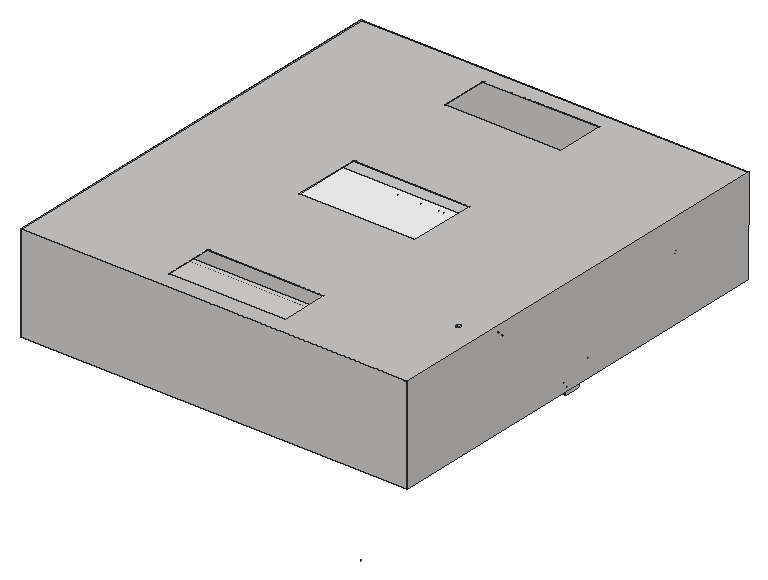
Revit family "QF_ELECTROLUXPROFESSIONAL_641266_STCF2220", category Attrezzature speciali, Revit 2021
Family settings
  Quota connettore circolare = Usa diametro
  Tipo di parte = Normale
  Basato su piano di lavoro = No
  Sempre verticale = Sì
  Taglio con vuoti quando caricato = No
  Condiviso = No
  Punto di calcolo locali = No
Parameters (values of type "Standard")
  Weight = 172.00 kg
  Watts = 320 W
  Volts = 220 V
  URL Manufacturer = "https://www.electroluxprofessional.com/"
  URL = "https://www.electroluxprofessional.com/"
  Steam Supply Size = 0 mm
  Steam Supply Minimum Pressure = 0.0 Pa
  Steam Supply Maximum Pressure = 0.0 Pa
  Steam Consumption per Hour = 0
  Refrigeration Suction Line Size = 0 mm
  Refrigeration Liquid Line Size = 0 mm
  Refrigerant Compressor Remote = yes
  Prospetto di default = 0 mm
  Produttore = "Electrolux Professional"
  Phase = 1
  Modello = "STCF2220"
  Length Actual = 2000 mm  # constant formula
  Item Number = "641266"
  Hot Water Size = 0 mm
  Height Actual = 500 mm  # constant formula
  HP = "0.4 HP"
  Gas Size = 0 mm
  Gas KW = 0
  Gas Input Pressure = 0 W
  Direct Waste Size = 0 mm
  Descrizione = "304 S/S ISLAND HOOD+FILT.+LAMP 2000X2200"
  Depth Actual = 2200 mm  # constant formula
  Cycle = 50 Hz
  Condensate Return Size = 0 mm
  Compressed Air Volume = 0.0 L/s
  Compressed Air Size = 0 mm
  Compressed Air Pressure = 0.0 Pa
  Cold Water Size = 0 mm
  Accessory = yes
Reference planes
  plane 1: z = 0
  plane 2 "Center (Left/Right)": x = 150
  plane 3 "LEFT": x = -850
  plane 4 "RIGHT": x = 1150
  plane 5 "BACK": y = 550
  plane 6 "TOP": z = 2500
  plane 7 "Base": z = 2000
  plane 8: z = 1955
  plane 9: x = -847
  plane 10 "DrainX": x = 1030
  plane 11 "AOLeft2": x = 450
  plane 12: x = 1147
  plane 13: x = -650
  plane 14: x = 950
  plane 15 "Center (Front/Back)": y = -550
  plane 16 "Front": y = -1650
  plane 17 "AOLeft1": x = -150
  plane 18 "EI_y": y = -1170
  plane 19 "EIx": x = 1030
  plane 20: y = 464
  plane 21: y = 214
  plane 22: y = -1564
  plane 23: y = -1314
  plane 24: y = -375
  plane 25: y = -725
Forms (mm)
  Extrusion 1, solid, material "QF_Finishes_Stainless Steel"
    sketch origin (-850, 0, 360) x (0, 1, 0) y (0, 0, 1)
      loop
        line (550, 1640) -> (550, 2140) -> (-1650, 2140) -> (-1650, 1640) -> (550, 1640)
    from 0 to 3
  Extrusion 2, solid, material "QF_Finishes_Stainless Steel"
    sketch origin (1150, 0, 360) x (0, 1, 0) y (0, 0, 1)
      loop
        line (550, 1640) -> (550, 2140) -> (-1650, 2140) -> (-1650, 1640) -> (550, 1640)
    from 0 to -3
  Extrusion 3, solid, material "QF_Finishes_Stainless Steel"
    sketch origin (150, 0, 360) x (0, 1, 0) y (0, 0, 1)
      loop
        line (-1650, 2140) -> (-1650, 1640) -> (-1640, 1640) -> (-1640, 1640.8) -> (-1649.2, 1640.8) -> (-1649.2, 2139.19) -> (549.2, 2139.19) -> (549.2, 1640.8) -> (540, 1640.8) -> (540, 1640) -> (550, 1640) -> (550, 2140) -> (-1650, 2140)
    from -1000 to 1000
  Extrusion 4, solid, material "QF_Finishes_Stainless Steel"
    sketch origin (0, -840, 2000) x (0, 1, 0) y (-1, 0, 0)
      loop
        circle (290, -1030) r 4.763
    from -30 to 0
  Extrusion 5, void
    sketch origin (0, 0, 2500) x (0, 1, 0) y (-1, 0, 0)
      loop
        line (-1564, -450) -> (-1314, -450) -> (-1314, 150) -> (-1564, 150) -> (-1564, -450)
    from 0 to -10
  Extrusion 6, solid, material "QF_Finishes_Stainless Steel"
    sketch origin (0, 0, 0) x (1, 0, 0) y (0, 1, 0)
      loop
        line (-850, 550) -> (-850, 549) -> (-849, 549) -> (-849, 550) -> (-850, 550)
    from 0 to 1
  Sweep 7, solid, material "QF_Finishes_Stainless Steel"
    path origin (0, 0, 0) x (1, 0, 0) y (0, 1, 0)
      loop
        line (1150, 550) -> (-850, 550) -> (-850, -1650) -> (1150, -1650) -> (1150, 550)
    profile origin (1150, -550, 0) x (1, 0, 0) y (0, 0, 1)
      loop
        line (-3, 2000) -> (-3, 2000.8) -> (-19, 2000.8) -> (-19, 2010) -> (-20, 2010) -> (-20, 2000) -> (-3, 2000)
  Extrusion 8, solid, material "QF_Finishes_Stainless Steel"
    sketch origin (150, -636.588, -19.176) x (0, 0.995194, 0.097925) y (0, -0.097925, 0.995194)
      loop
        line (214.66, 2095.469) -> (240.643, 2110.471) -> (61.744, 2411.771) -> (35.948, 2396.455) -> (214.66, 2095.469)
    from -997 to -800
  Extrusion 9, solid, material "QF_Finishes_Stainless Steel"
    sketch origin (1030, -840, 0) x (0, 1, 0) y (0, 0, 1)
      loop
        line (339, 2000) -> (241, 2000) -> (241, 1989) -> (248.5, 1989) -> (248.5, 1965)
        arc (248.5, 1965) -> (251.429, 1957.929) -> (258.5, 1955) r 10
        line (258.5, 1955) -> (321.5, 1955)
        arc (321.5, 1955) -> (328.571, 1957.929) -> (331.5, 1965) r 10
        line (331.5, 1965) -> (331.5, 1989) -> (339, 1989) -> (339, 2000)
    from 90 to -90
  Extrusion 10, solid, material "QF_Finishes_Stainless Steel"
    sketch origin (150, -636.588, -19.176) x (0, 0.995194, 0.097925) y (0, -0.097925, 0.995194)
      loop
        line (214.66, 2095.469) -> (240.643, 2110.471) -> (61.744, 2411.771) -> (35.948, 2396.455) -> (214.66, 2095.469)
    from 800 to 997
  Extrusion 11, solid, material "QF_Finished_Chrome"
    sketch origin (150, -636.588, -19.176) x (0, 0.995194, 0.097925) y (0, -0.097925, 0.995194)
      loop
        line (214.66, 2095.469) -> (240.643, 2110.471) -> (61.744, 2411.771) -> (35.948, 2396.455) -> (214.66, 2095.469)
    from -800 to 800
  Extrusion 12, void
    sketch origin (0, 1180, 2500) x (0, 1, 0) y (-1, 0, 0)
      loop
        line (-1555, -450) -> (-1555, 150) -> (-1905, 150) -> (-1905, -450) -> (-1555, -450)
    from 0 to -10
  Extrusion 13, solid, material "QF_Finishes_Stainless Steel"
    sketch origin (0, 0, 2500) x (0, 1, 0) y (-1, 0, 0)
      loop
        circle (-1170, -1030) r 10
    from 0 to 1.6
  Extrusion 14, solid, material "QF_LAMPS"
    sketch origin (150, -267.149, 218.369) x (0, 0.987229, -0.159309) y (0, 0.159309, 0.987229)
      loop
        line (-1250.105, 1928.62) -> (-1096.231, 2053.226) -> (-1104.529, 2063.269) -> (-1258.575, 1938.524) -> (-1250.105, 1928.62)
    from 997 to -997
  Extrusion 15, solid, material "QF_Finishes_Stainless Steel"
    sketch origin (150, 0, 360) x (0, 1, 0) y (0, 0, 1)
      loop
        line (-1650, 2139.19) -> (-1650, 1640) -> (-1586.602, 1640) -> (-1499.146, 1690.493) -> (-1510.058, 1709.394) -> (-1566.564, 1676.77) -> (-1614.704, 1680.982) -> (-1649.2, 1730.248) -> (-1649.2, 2139.19) -> (-1650, 2139.19)
      loop
        line (-1194.054, 1961.505) -> (-1200.838, 1972.631) -> (-1186.477, 1980.7) -> (-1186.477, 2127.391) -> (-1085.664, 2127.391) -> (-1029.871, 2072.95) -> (-1022.281, 2060.013) -> (-919.435, 2120.351) -> (-919.902, 2121.003) -> (-1021.996, 2061.107) -> (-1029.236, 2073.448) -> (-1085.338, 2128.191) -> (-1187.277, 2128.191) -> (-1187.277, 1982.446) -> (-1586.208, 1744.533) -> (-1576.362, 1728.386) -> (-1194.054, 1961.505)
    from -997 to 997
  Extrusion 16, void
    sketch origin (0, 814, 2500) x (0, 1, 0) y (-1, 0, 0)
      loop
        line (-600, -450) -> (-350, -450) -> (-350, 150) -> (-600, 150) -> (-600, -450)
    from 0 to -10
  Extrusion 17, solid, material "QF_Finishes_Stainless Steel"
    sketch origin (150, 0, 0) x (0, 1, 0) y (0, 0, 1)
      loop
        line (-628.158, 2087.242) -> (-603.769, 2104.716) -> (-811.314, 2387.05) -> (-835.486, 2369.281) -> (-628.158, 2087.242)
    from -997 to -800
  Extrusion 18, solid, material "QF_Finished_Chrome"
    sketch origin (150, 0, 0) x (0, 1, 0) y (0, 0, 1)
      loop
        line (-628.158, 2087.242) -> (-603.769, 2104.716) -> (-811.314, 2387.05) -> (-835.486, 2369.281) -> (-628.158, 2087.242)
    from -800 to 800
  Extrusion 19, solid, material "QF_Finishes_Stainless Steel"
    sketch origin (150, -870.88, 319.508) x (0, 0.995194, 0.097925) y (0, -0.097925, 0.995194)
      loop
        line (426.151, 1646.675) -> (483.9, 1640.993) -> (483.982, 1641.83) -> (426.613, 1647.475) -> (371.906, 1742.23) -> (414.858, 1734.657) -> (442.266, 1750.481) -> (442.266, 1765.943) -> (441.466, 1765.943) -> (441.466, 1750.943) -> (414.709, 1735.495) -> (321.153, 1751.991) -> (320.875, 1750.416) -> (371.4, 1741.507) -> (426.151, 1646.675)
      loop
        line (162.878, 2155.907) -> (242.893, 2017.316) -> (245.133, 2018.715) -> (240.13, 2027.381) -> (238.569, 2026.405) -> (163.571, 2156.307) -> (162.878, 2155.907)
    from -997 to 997
  Extrusion 20, solid, material "QF_Finishes_Stainless Steel"
    sketch origin (150, -463.412, -19.176) x (0, -0.995194, 0.097925) y (0, -0.097925, -0.995194)
      loop
        line (214.66, -2095.469) -> (35.948, -2396.455) -> (61.744, -2411.771) -> (240.643, -2110.471) -> (214.66, -2095.469)
    from 800 to 997
  Extrusion 21, solid, material "QF_Finishes_Stainless Steel"
    sketch origin (150, 0, 0) x (0, 1, 0) y (0, 0, 1)
      loop
        line (-471.842, 2087.242) -> (-264.514, 2369.281) -> (-288.686, 2387.05) -> (-496.231, 2104.716) -> (-471.842, 2087.242)
    from -997 to -800
  Extrusion 22, solid, material "QF_Finished_Chrome"
    sketch origin (150, 0, 0) x (0, 1, 0) y (0, 0, 1)
      loop
        line (-471.842, 2087.242) -> (-264.514, 2369.281) -> (-288.686, 2387.05) -> (-496.231, 2104.716) -> (-471.842, 2087.242)
    from -800 to 800
  Extrusion 23, solid, material "QF_Finishes_Stainless Steel"
    sketch origin (150, -229.12, 319.508) x (0, -0.995194, 0.097925) y (0, -0.097925, -0.995194)
      loop
        line (426.151, -1646.675) -> (371.4, -1741.507) -> (320.875, -1750.416) -> (321.153, -1751.991) -> (414.709, -1735.495) -> (441.466, -1750.943) -> (441.466, -1765.943) -> (442.266, -1765.943) -> (442.266, -1750.481) -> (414.858, -1734.657) -> (371.906, -1742.23) -> (426.613, -1647.475) -> (483.982, -1641.83) -> (483.9, -1640.993) -> (426.151, -1646.675)
      loop
        line (162.878, -2155.907) -> (163.571, -2156.307) -> (238.569, -2026.405) -> (240.13, -2027.381) -> (245.133, -2018.715) -> (242.893, -2017.316) -> (162.878, -2155.907)
    from -997 to 997
  Extrusion 24, solid, material "QF_LAMPS"
    sketch origin (150, -832.851, 218.369) x (0, -0.987229, -0.159309) y (0, 0.159309, -0.987229)
      loop
        line (-1250.105, -1928.62) -> (-1258.575, -1938.524) -> (-1104.529, -2063.269) -> (-1096.231, -2053.226) -> (-1250.105, -1928.62)
    from 997 to -997
  Extrusion 25, solid, material "QF_Finishes_Stainless Steel"
    sketch origin (150, -1100, 360) x (0, -1, 0) y (0, 0, -1)
      loop
        line (-1650, -2139.19) -> (-1649.2, -2139.19) -> (-1649.2, -1730.248) -> (-1614.704, -1680.982) -> (-1566.564, -1676.77) -> (-1510.058, -1709.394) -> (-1499.146, -1690.493) -> (-1586.602, -1640) -> (-1650, -1640) -> (-1650, -2139.19)
      loop
        line (-1194.054, -1961.505) -> (-1576.362, -1728.386) -> (-1586.208, -1744.533) -> (-1187.277, -1982.446) -> (-1187.277, -2128.191) -> (-1085.338, -2128.191) -> (-1029.236, -2073.448) -> (-1021.996, -2061.107) -> (-919.902, -2121.003) -> (-919.435, -2120.351) -> (-1022.281, -2060.013) -> (-1029.871, -2072.95) -> (-1085.664, -2127.391) -> (-1186.477, -2127.391) -> (-1186.477, -1980.7) -> (-1200.838, -1972.631) -> (-1194.054, -1961.505)
    from -997 to 997
Cuts and joins
  Extrusion 5, Extrusion 12, Extrusion 16 cuts Extrusion 3
  joined: Extrusion 2, Extrusion 3, Sweep 7
Lines and regions (mm)
  symbolic lines, style "SpecialityEquipment", detail levels coarse
    curve 1: line (1150, 550, 2500) -> (-850, 550, 2500)
    curve 2: line (-850, 550, 2500) -> (-850, -1650, 2500)
    curve 3: line (1150, -1650, 2500) -> (1150, 550, 2500)
    curve 4: line (-850, 550, 0) -> (1150, -1650, 0)
    curve 5: line (1150, 550, 0) -> (-850, -1650, 0)
    curve 6: line (-850, -1650, 0) -> (1150, -1650, 0)
  symbolic lines, detail levels coarse
    curve 7: line (-150, 464, 2500) -> (450, 464, 2500)
    curve 8: line (-150, 214, 2500) -> (-150, 464, 2500)
    curve 9: line (450, 214, 2500) -> (-150, 214, 2500)
    curve 10: line (450, 464, 2500) -> (450, 214, 2500)
    curve 11: line (-150, -375, 2500) -> (450, -375, 2500)
    curve 12: line (-150, -725, 2500) -> (-150, -375, 2500)
    curve 13: line (450, -725, 2500) -> (-150, -725, 2500)
    curve 14: line (450, -375, 2500) -> (450, -725, 2500)
    curve 15: line (-150, -1314, 2500) -> (450, -1314, 2500)
    curve 16: line (-150, -1564, 2500) -> (-150, -1314, 2500)
    curve 17: line (450, -1564, 2500) -> (-150, -1564, 2500)
    curve 18: line (450, -1314, 2500) -> (450, -1564, 2500)
Dimensions and locks
  plane 3 "LEFT" to plane 4 "RIGHT" = 2000 mm
  equal spacing: plane 3 "LEFT", plane 2 "Center (Left/Right)", plane 4 "RIGHT"
  plane 7 "Base" to plane 8 = 45 mm
  plane 3 "LEFT" to plane 9 = 3 mm
  plane 10 "DrainX" to plane 4 "RIGHT" = 120 mm
  plane 12 to plane 4 "RIGHT" = 3 mm
  plane 3 "LEFT" to plane 13 = 200 mm
  plane 14 to plane 4 "RIGHT" = 200 mm
  locked: plane 7 "Base" to level at 2000
  locked: plane 6 "TOP" to plane 7 "Base" at 500
  locked: plane 17 "AOLeft1" to plane 11 "AOLeft2" at 600
  locked: plane 18 "EI_y" to plane 16 "Front" at 480
  locked: plane 19 "EIx" to plane 4 "RIGHT" at 120
  locked: plane 5 "BACK" to plane 20 at 86
  plane 20 to plane 21 = 250 mm
  locked: plane 22 to plane 16 "Front" at 86
  locked: plane 22 to plane 23 at 250
  plane 24 to plane 15 "Center (Front/Back)" = 175 mm
  plane 15 "Center (Front/Back)" to plane 25 = 175 mm
  plane 24 to plane 25 = 350 mm
  locked: plane 5 "BACK" to plane 16 "Front" at 2200
  plane 5 "BACK" to plane 15 "Center (Front/Back)" to plane 16 "Front" = 1100 mm, 1100 mm
  plane 5 "BACK" to plane 16 "Front" = 2200 mm
  equal spacing: plane 17 "AOLeft1", plane 2 "Center (Left/Right)", plane 11 "AOLeft2"
  aligned and locked: level to plane 1
  aligned and locked: plane 4 "RIGHT" to Extrusion 3
  aligned and locked: Extrusion 3 to plane 3 "LEFT"
  aligned and locked: Extrusion 2 to plane 12
  aligned and locked: Extrusion 8 to plane 9
  aligned and locked: plane 17 "AOLeft1" to Extrusion 5
  aligned and locked: Extrusion 5 to plane 11 "AOLeft2"
  aligned and locked: plane 13 to Extrusion 8
  aligned and locked: plane 14 to Extrusion 10
  aligned and locked: plane 12 to Extrusion 10
  aligned and locked: Extrusion 11 to plane 13
  aligned and locked: Extrusion 11 to plane 14
  aligned and locked: Extrusion 12 to plane 17 "AOLeft1"
  aligned and locked: Extrusion 12 to plane 11 "AOLeft2"
  aligned and locked: plane 22 to Extrusion 5
  aligned and locked: Extrusion 5 to plane 23
  aligned and locked: Extrusion 16 to plane 17 "AOLeft1"
  aligned and locked: Extrusion 16 to plane 11 "AOLeft2"
  aligned and locked: plane 24 to Extrusion 12
  aligned and locked: Extrusion 12 to plane 25
  aligned and locked: plane 20 to Extrusion 16
  aligned and locked: Extrusion 16 to plane 21
  aligned and locked: Extrusion 15 to plane 9
  aligned and locked: Extrusion 14 to plane 9
  aligned and locked: Extrusion 14 to plane 12
  aligned and locked: Extrusion 15 to plane 12
  aligned and locked: Extrusion 25 to plane 9
  aligned and locked: Extrusion 24 to plane 9
  aligned and locked: Extrusion 23 to plane 9
  aligned and locked: plane 9 to Extrusion 17
  aligned and locked: Extrusion 19 to plane 9
  aligned and locked: plane 13 to Extrusion 17
  aligned and locked: Extrusion 22 to plane 13
  aligned and locked: plane 12 to Extrusion 19
  aligned and locked: plane 12 to Extrusion 23
  aligned and locked: plane 12 to Extrusion 25
  aligned and locked: Extrusion 20 to plane 12
  aligned and locked: plane 12 to Extrusion 24
  aligned and locked: Extrusion 18 to plane 13
  aligned and locked: Extrusion 18 to plane 14
  aligned and locked: plane 14 to Extrusion 20
  aligned and locked: Extrusion 22 to plane 14
  aligned and locked: plane 13 to Extrusion 21
  aligned and locked: Extrusion 21 to plane 9
Automatic sketch dimensions
  curve 6 to plane 3 "LEFT" = 0 mm
  curve 4 to plane 3 "LEFT" = 0 mm
  curve 5 to plane 4 "RIGHT" = 0 mm
  curve 6 to plane 4 "RIGHT" = 0 mm
  curve 4 to plane 16 "Front" = 0 mm
  curve 5 to plane 5 "BACK" = 0 mm
  curve 4 to plane 5 "BACK" = 0 mm
  Extrusion 1 sketch curve to plane 7 "Base" = 0 mm
  Extrusion 1 sketch curve to plane 16 "Front" = 0 mm
  Extrusion 1 sketch curve to plane 5 "BACK" = 0 mm
  Extrusion 1 sketch curve to plane 6 "TOP" = 0 mm
  Extrusion 2 sketch curve to plane 7 "Base" = 0 mm
  Extrusion 2 sketch curve to plane 16 "Front" = 0 mm
  Extrusion 2 sketch curve to plane 5 "BACK" = 0 mm
  Extrusion 2 sketch curve to plane 6 "TOP" = 0 mm
  Extrusion 3 sketch curve to plane 6 "TOP" = 0 mm
  Extrusion 3 sketch curve to plane 16 "Front" = 0 mm
  Extrusion 3 sketch curve to plane 7 "Base" = 0 mm  (x2)
  Extrusion 3 sketch curve to plane 5 "BACK" = 0 mm
  plane 16 "Front" to Extrusion 3 sketch curve = 0.8 mm
  Extrusion 3 sketch curve to Extrusion 3 sketch curve = 9.2 mm
  plane 7 "Base" to Extrusion 3 sketch curve = 0.8 mm  (x2)
  Extrusion 3 sketch curve to plane 5 "BACK" = 10 mm
  Extrusion 3 sketch curve to plane 5 "BACK" = 0.8 mm
  Extrusion 3 sketch curve to plane 6 "TOP" = 0.81 mm
  Extrusion 4 sketch curve to plane 10 "DrainX" = 0 mm
  Extrusion 4 sketch curve to plane 15 "Center (Front/Back)" = 0 mm
  Extrusion 5 sketch curve to plane 17 "AOLeft1" = 0 mm
  plane 22 to Extrusion 5 sketch curve = 0 mm
  Extrusion 5 sketch curve to plane 11 "AOLeft2" = 0 mm
  plane 23 to Extrusion 5 sketch curve = 0 mm
  Extrusion 6 sketch curve to plane 3 "LEFT" = 0 mm
  Extrusion 6 sketch curve to plane 5 "BACK" = 0 mm
  plane 3 "LEFT" to Extrusion 6 sketch curve = 1 mm
  Extrusion 6 sketch curve to Extrusion 6 sketch curve = 1 mm
  Sweep 7 sketch curve to plane 3 "LEFT" = 0 mm
  Sweep 7 sketch curve to plane 4 "RIGHT" = 0 mm
  Sweep 7 sketch curve to plane 16 "Front" = 0 mm
  Sweep 7 sketch curve to plane 5 "BACK" = 0 mm
  profile plane to Sweep 7 sketch curve = 20 mm
  Sweep 7 sketch curve to Sweep 7 sketch curve = 1 mm
  profile plane to Sweep 7 sketch curve = 3 mm
  level to Sweep 7 sketch curve = 2000 mm
  Sweep 7 sketch curve to Sweep 7 sketch curve = 0.8 mm
  Sweep 7 sketch curve to Sweep 7 sketch curve = 9.2 mm
  Extrusion 8 sketch curve to plane 25 = 110.486 mm
  Extrusion 8 sketch curve to plane 6 "TOP" = 130.719 mm
  Extrusion 8 sketch curve to Extrusion 8 sketch curve = 25.795 mm
  Extrusion 8 sketch curve to Extrusion 8 sketch curve = 178.712 mm
  Extrusion 8 sketch curve to Extrusion 8 sketch curve = 25.983 mm
  Extrusion 8 sketch curve to Extrusion 8 sketch curve = 285.985 mm
  Extrusion 8 sketch curve to Extrusion 8 sketch curve = 15.001 mm
  Extrusion 8 sketch curve to Extrusion 8 sketch curve = 15.316 mm
  Extrusion 9 sketch curve to plane 8 = 0 mm
  Extrusion 9 sketch curve to plane 7 "Base" = 11 mm  (x2)
  Extrusion 9 sketch curve to plane 15 "Center (Front/Back)" = 49 mm
  Extrusion 9 sketch curve to Extrusion 9 sketch curve = 7.5 mm  (x2)
  plane 8 to Extrusion 9 sketch curve = 10 mm
  plane 15 "Center (Front/Back)" to Extrusion 9 sketch curve = 31.5 mm
  Extrusion 9 sketch curve to Extrusion 9 sketch curve = 10 mm
  plane 7 "Base" to Extrusion 9 sketch curve = 0 mm
  Extrusion 10 sketch curve to plane 25 = 110.486 mm
  Extrusion 10 sketch curve to plane 6 "TOP" = 130.719 mm
  Extrusion 10 sketch curve to Extrusion 10 sketch curve = 25.795 mm
  Extrusion 10 sketch curve to Extrusion 10 sketch curve = 178.712 mm
  Extrusion 10 sketch curve to Extrusion 10 sketch curve = 25.983 mm
  Extrusion 10 sketch curve to Extrusion 10 sketch curve = 285.985 mm
  Extrusion 10 sketch curve to Extrusion 10 sketch curve = 15.001 mm
  Extrusion 10 sketch curve to Extrusion 10 sketch curve = 15.316 mm
  Extrusion 11 sketch curve to plane 25 = 110.486 mm
  Extrusion 11 sketch curve to plane 6 "TOP" = 130.719 mm
  Extrusion 11 sketch curve to Extrusion 11 sketch curve = 25.795 mm
  Extrusion 11 sketch curve to Extrusion 11 sketch curve = 178.712 mm
  Extrusion 11 sketch curve to Extrusion 11 sketch curve = 25.983 mm
  Extrusion 11 sketch curve to Extrusion 11 sketch curve = 285.985 mm
  Extrusion 11 sketch curve to Extrusion 11 sketch curve = 15.001 mm
  Extrusion 11 sketch curve to Extrusion 11 sketch curve = 15.316 mm
  Extrusion 12 sketch curve to plane 11 "AOLeft2" = 0 mm
  Extrusion 12 sketch curve to plane 25 = 0 mm
  Extrusion 12 sketch curve to plane 24 = 0 mm
  Extrusion 12 sketch curve to plane 17 "AOLeft1" = 0 mm
  Extrusion 13 sketch curve to plane 18 "EI_y" = 0 mm
  Extrusion 13 sketch curve to plane 19 "EIx" = 0 mm
  Extrusion 14 sketch curve to plane 18 "EI_y" = 30.826 mm
  Extrusion 14 sketch curve to plane 6 "TOP" = 167.362 mm
  Extrusion 14 sketch curve to Extrusion 14 sketch curve = 8.47 mm
  Extrusion 14 sketch curve to Extrusion 14 sketch curve = 154.047 mm
  Extrusion 14 sketch curve to Extrusion 14 sketch curve = 8.298 mm
  Extrusion 14 sketch curve to Extrusion 14 sketch curve = 9.904 mm
  Extrusion 14 sketch curve to Extrusion 14 sketch curve = 124.605 mm
  Extrusion 14 sketch curve to Extrusion 14 sketch curve = 10.043 mm
  Extrusion 15 sketch curve to plane 16 "Front" = 0 mm
  Extrusion 15 sketch curve to plane 7 "Base" = 0 mm
  plane 16 "Front" to Extrusion 15 sketch curve = 0.8 mm
  plane 16 "Front" to Extrusion 15 sketch curve = 35.296 mm
  plane 22 to Extrusion 15 sketch curve = 22.602 mm
  plane 22 to Extrusion 15 sketch curve = 22.208 mm
  plane 22 to Extrusion 15 sketch curve = 12.362 mm
  plane 22 to Extrusion 15 sketch curve = 2.564 mm
  Extrusion 15 sketch curve to plane 22 = 53.942 mm
  Extrusion 15 sketch curve to Extrusion 15 sketch curve = 10.912 mm
  Extrusion 15 sketch curve to plane 18 "EI_y" = 30.838 mm
  Extrusion 15 sketch curve to Extrusion 15 sketch curve = 6.784 mm
  Extrusion 15 sketch curve to Extrusion 15 sketch curve = 13.561 mm
  Extrusion 15 sketch curve to Extrusion 15 sketch curve = 0.8 mm  (x2)
  Extrusion 15 sketch curve to plane 6 "TOP" = 12.609 mm
  plane 18 "EI_y" to Extrusion 15 sketch curve = 84.336 mm
  Extrusion 15 sketch curve to Extrusion 15 sketch curve = 0.326 mm
  Extrusion 15 sketch curve to plane 6 "TOP" = 67.05 mm
  Extrusion 15 sketch curve to Extrusion 15 sketch curve = 55.793 mm
  Extrusion 15 sketch curve to plane 6 "TOP" = 66.552 mm
  Extrusion 15 sketch curve to Extrusion 15 sketch curve = 0.636 mm
  Extrusion 15 sketch curve to Extrusion 15 sketch curve = 7.59 mm
  Extrusion 15 sketch curve to plane 6 "TOP" = 78.893 mm
  Extrusion 15 sketch curve to Extrusion 15 sketch curve = 0.285 mm
  Extrusion 15 sketch curve to plane 6 "TOP" = 18.997 mm
  Extrusion 15 sketch curve to plane 6 "TOP" = 19.649 mm
  Extrusion 15 sketch curve to Extrusion 15 sketch curve = 0.467 mm
  plane 7 "Base" to Extrusion 15 sketch curve = 36.77 mm
  plane 7 "Base" to Extrusion 15 sketch curve = 40.982 mm
  plane 7 "Base" to Extrusion 15 sketch curve = 50.493 mm
  Extrusion 15 sketch curve to Extrusion 15 sketch curve = 18.901 mm
  Extrusion 15 sketch curve to Extrusion 15 sketch curve = 51.616 mm
  Extrusion 15 sketch curve to Extrusion 15 sketch curve = 49.266 mm
  Extrusion 15 sketch curve to Extrusion 15 sketch curve = 16.147 mm
  Extrusion 15 sketch curve to Extrusion 15 sketch curve = 165.885 mm
  Extrusion 15 sketch curve to Extrusion 15 sketch curve = 8.069 mm
  Extrusion 15 sketch curve to Extrusion 15 sketch curve = 1.746 mm
  Extrusion 15 sketch curve to Extrusion 15 sketch curve = 1.094 mm
  Extrusion 15 sketch curve to plane 6 "TOP" = 0.81 mm
  plane 17 "AOLeft1" to Extrusion 16 sketch curve = 0 mm
  Extrusion 16 sketch curve to plane 21 = 0 mm
  Extrusion 16 sketch curve to plane 11 "AOLeft2" = 0 mm
  Extrusion 16 sketch curve to plane 20 = 0 mm
  Extrusion 19 sketch curve to plane 6 "TOP" = 18.997 mm
  Extrusion 19 sketch curve to plane 25 = 194.902 mm
  Extrusion 19 sketch curve to Extrusion 19 sketch curve = 0.693 mm
  Extrusion 19 sketch curve to Extrusion 19 sketch curve = 74.998 mm
  Extrusion 19 sketch curve to Extrusion 19 sketch curve = 1.561 mm
  Extrusion 19 sketch curve to Extrusion 19 sketch curve = 4.324 mm
  Extrusion 19 sketch curve to Extrusion 19 sketch curve = 2.24 mm
  Extrusion 19 sketch curve to Extrusion 19 sketch curve = 77.982 mm
  Extrusion 19 sketch curve to Extrusion 19 sketch curve = 0.278 mm
  Extrusion 19 sketch curve to Extrusion 19 sketch curve = 50.525 mm
  Extrusion 19 sketch curve to Extrusion 19 sketch curve = 0.506 mm
  Extrusion 19 sketch curve to Extrusion 19 sketch curve = 42.803 mm
  Extrusion 19 sketch curve to Extrusion 19 sketch curve = 0.148 mm
  Extrusion 19 sketch curve to Extrusion 19 sketch curve = 11.294 mm
  Extrusion 19 sketch curve to Extrusion 19 sketch curve = 0.462 mm  (x2)
  Extrusion 19 sketch curve to Extrusion 19 sketch curve = 57.287 mm
  Extrusion 19 sketch curve to Extrusion 19 sketch curve = 0.082 mm
  Extrusion 19 sketch curve to Extrusion 19 sketch curve = 26.757 mm
  Extrusion 19 sketch curve to Extrusion 19 sketch curve = 0.8 mm
  Extrusion 19 sketch curve to Extrusion 19 sketch curve = 128.526 mm
  Extrusion 19 sketch curve to Extrusion 19 sketch curve = 0.975 mm
  Extrusion 19 sketch curve to Extrusion 19 sketch curve = 1.399 mm
  Extrusion 19 sketch curve to Extrusion 19 sketch curve = 252.773 mm
  Extrusion 19 sketch curve to Extrusion 19 sketch curve = 13.951 mm
  Extrusion 19 sketch curve to Extrusion 19 sketch curve = 15 mm
  Extrusion 19 sketch curve to Extrusion 19 sketch curve = 1.575 mm
  Extrusion 19 sketch curve to Extrusion 19 sketch curve = 0.723 mm
  Extrusion 19 sketch curve to Extrusion 19 sketch curve = 0.838 mm
  Extrusion 19 sketch curve to Extrusion 19 sketch curve = 87.182 mm
  Extrusion 19 sketch curve to Extrusion 19 sketch curve = 5.645 mm
  Extrusion 20 sketch curve to plane 24 = 110.486 mm
  plane 6 "TOP" to Extrusion 20 sketch curve = 130.719 mm
  Extrusion 20 sketch curve to Extrusion 20 sketch curve = 25.795 mm
  Extrusion 20 sketch curve to Extrusion 20 sketch curve = 178.712 mm
  Extrusion 20 sketch curve to Extrusion 20 sketch curve = 25.983 mm
  Extrusion 20 sketch curve to Extrusion 20 sketch curve = 285.985 mm
  Extrusion 20 sketch curve to Extrusion 20 sketch curve = 15.001 mm
  Extrusion 20 sketch curve to Extrusion 20 sketch curve = 15.316 mm
  Extrusion 23 sketch curve to plane 6 "TOP" = 18.997 mm
  plane 24 to Extrusion 23 sketch curve = 194.902 mm
  Extrusion 23 sketch curve to Extrusion 23 sketch curve = 0.693 mm
  Extrusion 23 sketch curve to Extrusion 23 sketch curve = 74.998 mm
  Extrusion 23 sketch curve to Extrusion 23 sketch curve = 1.561 mm
  Extrusion 23 sketch curve to Extrusion 23 sketch curve = 4.324 mm
  Extrusion 23 sketch curve to Extrusion 23 sketch curve = 2.24 mm
  Extrusion 23 sketch curve to Extrusion 23 sketch curve = 77.982 mm
  Extrusion 23 sketch curve to Extrusion 23 sketch curve = 0.278 mm
  Extrusion 23 sketch curve to Extrusion 23 sketch curve = 50.525 mm
  Extrusion 23 sketch curve to Extrusion 23 sketch curve = 0.506 mm
  Extrusion 23 sketch curve to Extrusion 23 sketch curve = 42.803 mm
  Extrusion 23 sketch curve to Extrusion 23 sketch curve = 0.148 mm
  Extrusion 23 sketch curve to Extrusion 23 sketch curve = 11.294 mm
  Extrusion 23 sketch curve to Extrusion 23 sketch curve = 0.462 mm  (x2)
  Extrusion 23 sketch curve to Extrusion 23 sketch curve = 57.287 mm
  Extrusion 23 sketch curve to Extrusion 23 sketch curve = 0.082 mm
  Extrusion 23 sketch curve to Extrusion 23 sketch curve = 26.757 mm
  Extrusion 23 sketch curve to Extrusion 23 sketch curve = 0.8 mm
  Extrusion 23 sketch curve to Extrusion 23 sketch curve = 0.4 mm
  Extrusion 23 sketch curve to Extrusion 23 sketch curve = 0.975 mm
  Extrusion 23 sketch curve to Extrusion 23 sketch curve = 1.399 mm
  Extrusion 23 sketch curve to Extrusion 23 sketch curve = 252.773 mm
  Extrusion 23 sketch curve to Extrusion 23 sketch curve = 13.951 mm
  Extrusion 23 sketch curve to Extrusion 23 sketch curve = 15 mm
  Extrusion 23 sketch curve to Extrusion 23 sketch curve = 1.575 mm
  Extrusion 23 sketch curve to Extrusion 23 sketch curve = 0.723 mm
  Extrusion 23 sketch curve to Extrusion 23 sketch curve = 0.838 mm
  Extrusion 23 sketch curve to Extrusion 23 sketch curve = 87.182 mm
  Extrusion 23 sketch curve to Extrusion 23 sketch curve = 5.645 mm
  plane 21 to Extrusion 24 sketch curve = 113.174 mm
  plane 6 "TOP" to Extrusion 24 sketch curve = 167.362 mm
  Extrusion 24 sketch curve to Extrusion 24 sketch curve = 8.47 mm
  Extrusion 24 sketch curve to Extrusion 24 sketch curve = 154.047 mm
  Extrusion 24 sketch curve to Extrusion 24 sketch curve = 8.298 mm
  Extrusion 24 sketch curve to Extrusion 24 sketch curve = 9.904 mm
  Extrusion 24 sketch curve to Extrusion 24 sketch curve = 124.605 mm
  Extrusion 24 sketch curve to Extrusion 24 sketch curve = 10.043 mm
  Extrusion 25 sketch curve to plane 5 "BACK" = 0 mm
  Extrusion 25 sketch curve to plane 7 "Base" = 0 mm
  Extrusion 25 sketch curve to Extrusion 25 sketch curve = 0.8 mm  (x3)
  plane 5 "BACK" to Extrusion 25 sketch curve = 35.296 mm
  Extrusion 25 sketch curve to plane 20 = 22.602 mm
  Extrusion 25 sketch curve to plane 20 = 22.208 mm
  Extrusion 25 sketch curve to plane 20 = 12.362 mm
  Extrusion 25 sketch curve to plane 20 = 2.564 mm
  plane 20 to Extrusion 25 sketch curve = 53.942 mm
  Extrusion 25 sketch curve to Extrusion 25 sketch curve = 10.912 mm
  plane 21 to Extrusion 25 sketch curve = 113.162 mm
  Extrusion 25 sketch curve to Extrusion 25 sketch curve = 6.784 mm
  Extrusion 25 sketch curve to Extrusion 25 sketch curve = 13.561 mm
  plane 6 "TOP" to Extrusion 25 sketch curve = 12.609 mm
  Extrusion 25 sketch curve to Extrusion 25 sketch curve = 100.813 mm
  Extrusion 25 sketch curve to Extrusion 25 sketch curve = 0.326 mm
  plane 6 "TOP" to Extrusion 25 sketch curve = 67.05 mm
  Extrusion 25 sketch curve to Extrusion 25 sketch curve = 55.793 mm
  plane 6 "TOP" to Extrusion 25 sketch curve = 66.552 mm
  Extrusion 25 sketch curve to Extrusion 25 sketch curve = 0.636 mm
  plane 6 "TOP" to Extrusion 25 sketch curve = 79.987 mm
  Extrusion 25 sketch curve to Extrusion 25 sketch curve = 7.59 mm
  plane 6 "TOP" to Extrusion 25 sketch curve = 78.893 mm
  Extrusion 25 sketch curve to Extrusion 25 sketch curve = 0.285 mm
  plane 6 "TOP" to Extrusion 25 sketch curve = 18.997 mm
  plane 6 "TOP" to Extrusion 25 sketch curve = 19.649 mm
  Extrusion 25 sketch curve to Extrusion 25 sketch curve = 0.467 mm
  Extrusion 25 sketch curve to plane 7 "Base" = 36.77 mm
  Extrusion 25 sketch curve to plane 7 "Base" = 40.982 mm
  Extrusion 25 sketch curve to plane 7 "Base" = 50.493 mm
  Extrusion 25 sketch curve to Extrusion 25 sketch curve = 18.901 mm
  Extrusion 25 sketch curve to Extrusion 25 sketch curve = 51.616 mm
  Extrusion 25 sketch curve to Extrusion 25 sketch curve = 49.266 mm
  Extrusion 25 sketch curve to Extrusion 25 sketch curve = 16.147 mm
  Extrusion 25 sketch curve to Extrusion 25 sketch curve = 165.885 mm
  Extrusion 25 sketch curve to Extrusion 25 sketch curve = 8.069 mm
  Extrusion 25 sketch curve to Extrusion 25 sketch curve = 1.746 mm
  plane 6 "TOP" to Extrusion 25 sketch curve = 0.81 mm
  Extrusion 18 sketch curve to plane 25 = 110.486 mm
  Extrusion 18 sketch curve to Extrusion 18 sketch curve = 24.172 mm
  Extrusion 18 sketch curve to plane 15 "Center (Front/Back)" = 78.158 mm
  Extrusion 18 sketch curve to Extrusion 18 sketch curve = 24.389 mm
  plane 7 "Base" to Extrusion 18 sketch curve = 87.242 mm
  Extrusion 18 sketch curve to Extrusion 18 sketch curve = 17.473 mm
  Extrusion 18 sketch curve to plane 6 "TOP" = 130.719 mm
  Extrusion 18 sketch curve to Extrusion 18 sketch curve = 17.769 mm
  Extrusion 17 sketch curve to plane 25 = 110.486 mm
  Extrusion 17 sketch curve to Extrusion 17 sketch curve = 24.172 mm
  Extrusion 17 sketch curve to plane 15 "Center (Front/Back)" = 78.158 mm
  Extrusion 17 sketch curve to Extrusion 17 sketch curve = 24.389 mm
  plane 7 "Base" to Extrusion 17 sketch curve = 87.242 mm
  Extrusion 17 sketch curve to Extrusion 17 sketch curve = 17.473 mm
  Extrusion 17 sketch curve to plane 6 "TOP" = 130.719 mm
  Extrusion 17 sketch curve to Extrusion 17 sketch curve = 17.769 mm
  plane 15 "Center (Front/Back)" to Extrusion 21 sketch curve = 53.769 mm
  Extrusion 21 sketch curve to Extrusion 21 sketch curve = 24.389 mm
  plane 24 to Extrusion 21 sketch curve = 86.314 mm
  Extrusion 21 sketch curve to Extrusion 21 sketch curve = 24.172 mm
  plane 7 "Base" to Extrusion 21 sketch curve = 87.242 mm
  Extrusion 21 sketch curve to Extrusion 21 sketch curve = 17.473 mm
  Extrusion 21 sketch curve to plane 6 "TOP" = 130.719 mm
  Extrusion 21 sketch curve to Extrusion 21 sketch curve = 17.769 mm
  plane 15 "Center (Front/Back)" to Extrusion 22 sketch curve = 53.769 mm
  Extrusion 22 sketch curve to Extrusion 22 sketch curve = 24.389 mm
  plane 24 to Extrusion 22 sketch curve = 86.314 mm
  Extrusion 22 sketch curve to Extrusion 22 sketch curve = 24.172 mm
  plane 7 "Base" to Extrusion 22 sketch curve = 87.242 mm
  Extrusion 22 sketch curve to Extrusion 22 sketch curve = 17.473 mm
  Extrusion 22 sketch curve to plane 6 "TOP" = 130.719 mm
  Extrusion 22 sketch curve to Extrusion 22 sketch curve = 17.769 mm
  curve 2 to plane 3 "LEFT" = 0 mm
  curve 2 to plane 16 "Front" = 0 mm
  curve 3 to plane 4 "RIGHT" = 0 mm
  curve 3 to plane 16 "Front" = 0 mm
  curve 17 to plane 17 "AOLeft1" = 0 mm
  plane 22 to curve 17 = 0 mm
  plane 23 to curve 16 = 0 mm
  curve 12 to plane 17 "AOLeft1" = 0 mm
  curve 12 to plane 25 = 0 mm
  curve 11 to plane 11 "AOLeft2" = 0 mm
  curve 11 to plane 24 = 0 mm
  curve 8 to plane 17 "AOLeft1" = 0 mm
  curve 8 to plane 21 = 0 mm
  curve 8 to plane 20 = 0 mm
  curve 2 to plane 5 "BACK" = 0 mm
  curve 15 to plane 11 "AOLeft2" = 0 mm
  curve 7 to plane 11 "AOLeft2" = 0 mm
  radius of Extrusion 4 sketch curve = 4.763 mm
  radius of Extrusion 13 sketch curve = 10 mm
Connectors
  piping at (1030, -550, 1970), diameter 9.5
    settings: on Extrusion 4, index 1, connector inside diameter 609.6 mm, connector length 0 mm, flow factor 0, pipe flow 0.0 L/s, pressure drop 0.0 Pa, fitting loss kfactor 0, connector angle 0.00°, fixture units 0, engagement length 0 mm, angle of deflection 0.00°, flow configuration 1, flow direction 2, fitting loss method 0, system type 16, joint type 0, gender type 0, connector reference index -1, connector utility 0, adjustable connector no, is connector primary yes, connector description "Drain"
  hvac at (150, -1439, 2500)
    settings: on Extrusion 5, index 2, duct flow 0.0 L/s, flow factor 0, pres drop 0.0 Pa, loss coef 0, conn angle 0.00°, conn width 250 mm, conn height 600 mm, conn diameter 609.6 mm, duct sys type 1, conn prof type 1, flow config 1, flow direction 1, loss method 0, conn ref index -1, conn util no, is conn primary yes, conn desc "AIR INLET"
  hvac at (150, -550, 2500)
    settings: on Extrusion 12, index 4, duct flow 0.0 L/s, flow factor 0, pres drop 0.0 Pa, loss coef 0, conn angle 0.00°, conn width 350 mm, conn height 600 mm, conn diameter 609.6 mm, duct sys type 3, conn prof type 1, flow config 1, flow direction 2, loss method 0, conn ref index -1, conn util no, is conn primary no, conn desc "EXHAUST OUTLET"
  electrical at (1030, -1170, 2501.6), driven by "Volts"
    settings: on Extrusion 13, index 6, voltage 220 V, apparent load 0 VA, apparent load phase1 0 VA, apparent load phase2 0 VA, apparent load phase3 0 VA, power factor 1, load classification "Other", number of poles 1, system type 30, power factor state 1, is connector primary yes, connector utility no, sub classification motor no, connector description "Electrical Connection"
  hvac at (150, 339, 2500)
    settings: on Extrusion 16, index 7, duct flow 0.0 L/s, flow factor 0, pres drop 0.0 Pa, loss coef 0, conn angle 0.00°, conn width 250 mm, conn height 600 mm, conn diameter 609.6 mm, duct sys type 1, conn prof type 1, flow config 1, flow direction 1, loss method 0, conn ref index -1, conn util no, is conn primary no, conn desc "AIR INLET"
